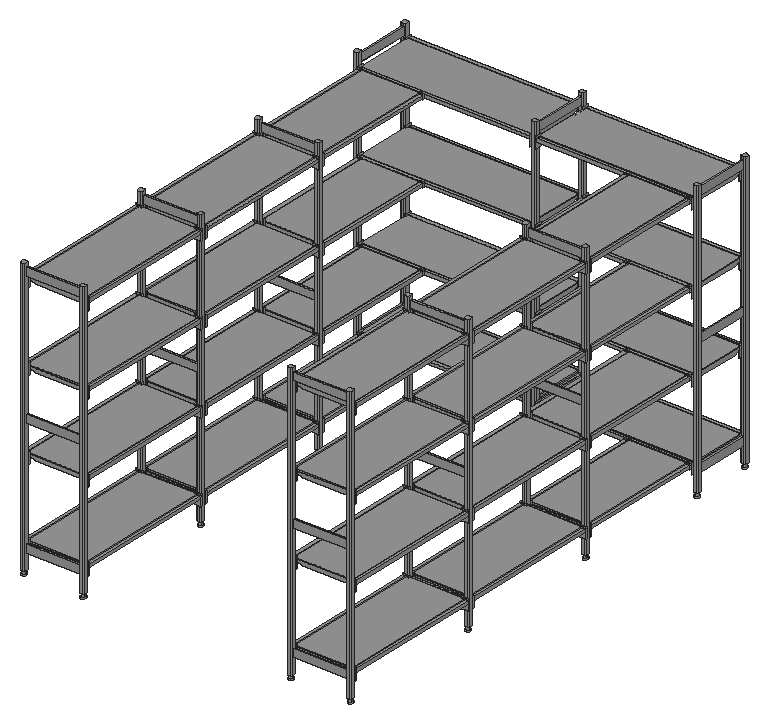
Revit family "QF_ELECTROLUXPROFESSIONAL_137099_CRS2028", category Attrezzature speciali, Revit 2020
Family settings
  Quota connettore circolare = Usa diametro
  Tipo di parte = Normale
  Basato su piano di lavoro = No
  Sempre verticale = Sì
  Taglio con vuoti quando caricato = No
  Condiviso = No
  Punto di calcolo locali = No
Parameters (values of type "Standard")
  Weight = 110.00 kg
  Watts = 0 W
  Volts = 0 V
  URL Manufacturer = "https://www.electroluxprofessional.com/"
  URL = "https://www.electroluxprofessional.com/"
  Steam Supply Size = 0 mm
  Steam Supply Minimum Pressure = 0.0 Pa
  Steam Supply Maximum Pressure = 0.0 Pa
  Steam Consumption per Hour = 0
  Refrigeration Suction Line Size = 0 mm
  Refrigeration Liquid Line Size = 0 mm
  Refrigerant Compressor Remote = yes
  Prospetto di default = 0 mm
  Produttore = "Electrolux Professional"
  Phase = 0
  Modello = "CRS2028"
  Length Actual = 708 mm  # constant formula
  Item Number = "137099"
  Hot Water Size = 0 mm
  Height Actual = 1550 mm  # constant formula
  HP = "0 HP"
  Gas Size = 0 mm
  Gas KW = 0
  Gas Input Pressure = 0 W
  Direct Waste Size = 0 mm
  Descrizione = "ALUM.SHELV.,POLY.TIERS-COLDROOM 203X283"
  Depth Actual = 373 mm  # constant formula
  Cycle = 0 Hz
  Condensate Return Size = 0 mm
  Compressed Air Volume = 0.0 L/s
  Compressed Air Size = 0 mm
  Compressed Air Pressure = 0.0 Pa
  Cold Water Size = 0 mm
  Accessory = yes
Reference planes
  plane 1 "Center (Front/Back)": y = 0
  plane 2: z = 0
  plane 3 "Center (Left/Right)": x = 0
  plane 4: x = -1015
  plane 5: y = 1415
  plane 6: y = -1415
  plane 7: x = 1015
  plane 8: x = -980
  plane 9: x = 980
  plane 10: y = 1392.5
  plane 11: y = -1392.5
Forms (mm)
  Extrusion 1, solid, material "QF_Clearances", detail levels coarse
    sketch origin (0, 0, 0) x (1, 0, 0) y (0, 1, 0)
      loop
        line (-1015, -1415) -> (1015, -1415) -> (1015, 1415) -> (-1015, 1415) -> (-1015, -1415)
      loop
        line (980, -1392.5) -> (980, 1392.5) -> (-980, 1392.5) -> (-980, -1392.5) -> (980, -1392.5)
    from 0 to 1590
Lines and regions (mm)
  symbolic lines, style "QF_Clearances"
    curve 1: line (-1015, 1415, 0) -> (-1015, -1415, 0)
    curve 2: line (1015, 1415, 0) -> (-1015, 1415, 0)
    curve 3: line (1015, -1415, 0) -> (1015, 1415, 0)
Dimensions and locks
  equal spacing: plane 5, plane 1 "Center (Front/Back)", plane 6
  plane 5 to plane 6 = 2830 mm
  equal spacing: plane 4, plane 3 "Center (Left/Right)", plane 7
  plane 4 to plane 7 = 2030 mm
  plane 4 to plane 8 = 35 mm
  plane 8 to plane 9 = 1960 mm
  plane 11 to plane 6 = 22.5 mm
  plane 10 to plane 11 = 2785 mm
  aligned and locked: level to plane 2
  aligned and locked: Extrusion 1 sketch curve to plane 4
  aligned and locked: Extrusion 1 sketch curve to plane 5
  aligned and locked: Extrusion 1 sketch curve to plane 7
  aligned and locked: Extrusion 1 sketch curve to plane 8
  aligned and locked: plane 10 to Extrusion 1 sketch curve
  aligned and locked: Extrusion 1 sketch curve to plane 9
  aligned and locked: Extrusion 1 sketch curve to plane 11
  aligned and locked: Extrusion 1 sketch curve to plane 6
Automatic sketch dimensions
  curve 1 to plane 4 = 0 mm
  curve 2 to plane 5 = 0 mm
  curve 2 to plane 7 = 0 mm
  curve 1 to plane 6 = 0 mm
  curve 3 to plane 6 = 0 mm
Nested families
  nested 1: "QF_974" at (-430, 1369.5, 0), type "QF_974"
  nested 2: "QF_886" at (536, 1369.5, 0), type "QF_886"
  nested 3: "QF_708G" at (-728.5, 825, 0), type "QF_708G"
  nested 4: "QF_708G" at (728.5, 825, 0) x (-1, 0, 0) z (0, 0, 1), type "QF_708G"
  nested 5: "QF_798" at (-923, -96.5, 0) x (0, 1, 0) z (0, 0, 1), type "QF_798"
  nested 6: "QF_798" at (596, -96.5, 0) x (0, 1, 0) z (0, 0, 1), type "QF_798"
  nested 7: "QF_798" at (-923, -930.5, 0) x (0, 1, 0) z (0, 0, 1), type "QF_798"
  nested 8: "QF_798" at (596, -930.5, 0) x (0, 1, 0) z (0, 0, 1), type "QF_798"
Definition of nested family "QF_974"
  Parameters
    Default Elevation = 0 mm
    Model = "137013"
    Manufacturer = "Electrolux Professional"
    Description = ""
  Reference planes
    plane 1: z = 0
    plane 2 "Center (Left/Right)": x = -31
    plane 3 "LEFT": x = -550
    plane 4 "RIGHT": x = 488
    plane 5 "BACK": y = 23
    plane 6 "FRONT": y = -350
    plane 7 "TOP": z = 1700
    plane 8: x = 483
    plane 9: x = -518
    plane 10: x = 456
    plane 11 "Center (Front/Back)": y = -163.5
    plane 12: x = 451
    plane 13: y = -8.5
    plane 14: y = -318.5
    plane 15 "FEET": z = 25
    plane 16: z = 140
    plane 17: z = 590
    plane 18: z = 1040
    plane 19: z = 1490
    plane 20 "CXLeft": x = -536
    plane 21 "CXRight": x = 474
    plane 22: y = 5.5
    plane 23 "CYBack": y = 5.5
    plane 24 "CYFront": y = -332.5
  Forms (mm)
    Extrusion 1, solid
      sketch origin (-550, 0, 0) x (0, 1, 0) y (0, 0, 1)
        loop
          line (4, 1515.994) -> (4, 1497.998) -> (23, 1497.998) -> (23, 1515.994) -> (4, 1515.994)
        loop
          line (-331, 1515.994) -> (-350, 1515.994) -> (-350, 1497.998) -> (-331, 1497.998) -> (-331, 1515.994)
        loop
          line (4, 1065.994) -> (4, 1047.998) -> (23, 1047.998) -> (23, 1065.994) -> (4, 1065.994)
        loop
          line (-331, 1065.994) -> (-350, 1065.994) -> (-350, 1047.998) -> (-331, 1047.998) -> (-331, 1065.994)
        loop
          line (4, 615.994) -> (4, 597.998) -> (23, 597.998) -> (23, 615.994) -> (4, 615.994)
        loop
          line (-331, 615.994) -> (-350, 615.994) -> (-350, 597.998) -> (-331, 597.998) -> (-331, 615.994)
        loop
          line (4, 165.994) -> (4, 147.998) -> (23, 147.998) -> (23, 165.994) -> (4, 165.994)
        loop
          line (-331, 165.994) -> (-350, 165.994) -> (-350, 147.998) -> (-331, 147.998) -> (-331, 165.994)
      from 32 to 1006
    Extrusion 2, solid
      sketch origin (-550, 0, 135) x (0, 1, 0) y (0, 0, 1)
        loop
          line (2.007, 1380.994) -> (-329, 1380.994) -> (-329, 1374.496) -> (2.007, 1374.496) -> (2.007, 1380.994)
        loop
          line (2.007, 930.994) -> (-329, 930.994) -> (-329, 924.496) -> (2.007, 924.496) -> (2.007, 930.994)
        loop
          line (2.007, 480.994) -> (-329, 480.994) -> (-329, 474.496) -> (2.007, 474.496) -> (2.007, 480.994)
        loop
          line (2.007, 30.994) -> (-329, 30.994) -> (-329, 24.496) -> (2.007, 24.496) -> (2.007, 30.994)
      from 32 to 1006
    Extrusion 3, solid
      sketch origin (488, 0, 135) x (0, 1, 0) y (0, 0, 1)
        loop
          line (-12, 1362.998) -> (4, 1362.998) -> (4, 1380.994) -> (2.007, 1380.994) -> (2.007, 1374.496) -> (-329, 1374.496) -> (-329, 1380.994) -> (-331, 1380.994) -> (-331, 1362.998) -> (-315, 1362.998) -> (-281, 1350.994) -> (-46, 1350.994) -> (-12, 1362.998)
        loop
          line (-12, 912.998) -> (4, 912.998) -> (4, 930.994) -> (2.007, 930.994) -> (2.007, 924.496) -> (-329, 924.496) -> (-329, 930.994) -> (-331, 930.994) -> (-331, 912.998) -> (-315, 912.998) -> (-281, 900.994) -> (-46, 900.994) -> (-12, 912.998)
        loop
          line (-12, 462.998) -> (4, 462.998) -> (4, 480.994) -> (2.007, 480.994) -> (2.007, 474.496) -> (-329, 474.496) -> (-329, 480.994) -> (-331, 480.994) -> (-331, 462.998) -> (-315, 462.998) -> (-281, 450.994) -> (-46, 450.994) -> (-12, 462.998)
        loop
          line (-12, 12.998) -> (4, 12.998) -> (4, 30.994) -> (2.007, 30.994) -> (2.007, 24.496) -> (-329, 24.496) -> (-329, 30.994) -> (-331, 30.994) -> (-331, 12.998) -> (-315, 12.998) -> (-281, 0.994) -> (-46, 0.994) -> (-12, 12.998)
      from -32 to -37
  Lines and regions (mm)
    symbolic lines
      curve 1: line (456, 4, 1700) -> (-518, 4, 1700)
      curve 2: line (-522, 23, 1700) -> (460, 23, 1700)
      curve 3: line (460, 13.246, 1700) -> (466.254, 19.5, 1700)
      curve 4: line (466.254, -8.5, 1700) -> (460, -2.246, 1700)
      curve 5: line (466.254, -318.5, 1700) -> (460, -324.754, 1700)
      curve 6: line (-522, -350, 1700) -> (460, -350, 1700)
      curve 7: line (460, 23, 1700) -> (460, -12.993, 1700)
      curve 8: line (460, -12.993, 1700) -> (456, -12.993, 1700)
      curve 9: line (460, -350, 1700) -> (460, -314.007, 1700)
      curve 10: line (460, -314.007, 1700) -> (456, -314.007, 1700)
      curve 11: line (-518, -12.993, 1700) -> (-518, -314.007, 1700)
      curve 12: line (-518, -331, 1700) -> (456, -331, 1700)
      curve 13: line (456, -12.993, 1700) -> (456, -314.007, 1700)
  Dimensions and locks
    locked: plane 3 "LEFT" to plane 4 "RIGHT" at 1038
    equal spacing: plane 3 "LEFT", plane 2 "Center (Left/Right)", plane 4 "RIGHT"
    locked: plane 7 "TOP" to level at 1700
    locked: plane 5 "BACK" to plane 6 "FRONT" at 373
    locked: plane 4 "RIGHT" to plane 8 at 5
    locked: plane 9 to plane 10 at 974
    locked: plane 3 "LEFT" to plane 9 at 32
    plane 12 to plane 10 = 5 mm
    locked: plane 13 to plane 14 at 310
    equal spacing: plane 13, plane 11 "Center (Front/Back)", plane 14
    equal spacing: plane 5 "BACK", plane 11 "Center (Front/Back)", plane 6 "FRONT"
    plane 15 "FEET" to level = 25 mm
    plane 7 "TOP" to plane 15 "FEET" = 1675 mm
    plane 17 to plane 16 = 450 mm
    plane 18 to plane 17 = 450 mm
    plane 19 to plane 18 = 450 mm
    locked: plane 3 "LEFT" to plane 20 "CXLeft" at 14
    locked: plane 21 "CXRight" to plane 4 "RIGHT" at 14
    locked: plane 5 "BACK" to plane 23 "CYBack" at 17.5
    locked: plane 24 "CYFront" to plane 6 "FRONT" at 17.5
    plane 16 to level = 140 mm
    plane 17 to level = 590 mm
    plane 18 to level = 1040 mm
    plane 19 to level = 1490 mm
    aligned and locked: level to plane 1
    aligned and locked: plane 9 to Extrusion 2
    aligned and locked: Extrusion 2 to plane 10
    aligned and locked: plane 9 to Extrusion 1
    aligned and locked: Extrusion 1 to plane 10
    aligned and locked: Extrusion 1 sketch curve to Extrusion 1 sketch curve  (x2)
    aligned and locked: Extrusion 3 sketch curve to Extrusion 3 sketch curve  (x3)
    aligned and locked: Extrusion 3 to plane 12
    aligned and locked: Extrusion 3 to plane 10
    aligned and locked: plane 20 "CXLeft" to nested 1
    aligned and locked: plane 21 "CXRight" to nested 2
  Automatic sketch dimensions
    Extrusion 1 sketch curve to plane 6 "FRONT" = 0 mm  (x4)
    Extrusion 1 sketch curve to plane 5 "BACK" = 0 mm  (x4)
    plane 24 "CYFront" to Extrusion 1 sketch curve = 1.5 mm  (x2)
    plane 22 to Extrusion 1 sketch curve = 1.5 mm  (x4)
    plane 16 to Extrusion 1 sketch curve = 7.998 mm  (x2)
    Extrusion 1 sketch curve to Extrusion 1 sketch curve = 17.997 mm  (x8)
    plane 17 to Extrusion 1 sketch curve = 7.998 mm  (x2)
    plane 18 to Extrusion 1 sketch curve = 7.998 mm  (x2)
    plane 19 to Extrusion 1 sketch curve = 7.998 mm  (x2)
    plane 24 "CYFront" to Extrusion 2 sketch curve = 3.5 mm  (x4)
    plane 22 to Extrusion 2 sketch curve = 3.493 mm  (x4)
    plane 16 to Extrusion 2 sketch curve = 19.496 mm
    Extrusion 2 sketch curve to Extrusion 2 sketch curve = 6.499 mm  (x4)
    plane 17 to Extrusion 2 sketch curve = 19.496 mm
    plane 18 to Extrusion 2 sketch curve = 19.496 mm
    plane 19 to Extrusion 2 sketch curve = 19.496 mm
    plane 24 "CYFront" to Extrusion 3 sketch curve = 1.5 mm  (x4)
    Extrusion 3 sketch curve to Extrusion 3 sketch curve = 2 mm
    plane 14 to Extrusion 3 sketch curve = 3.5 mm  (x4)
    Extrusion 3 sketch curve to plane 16 = 4.006 mm
    Extrusion 3 sketch curve to Extrusion 3 sketch curve = 34 mm  (x4)
    Extrusion 3 sketch curve to plane 17 = 4.006 mm
    Extrusion 3 sketch curve to plane 18 = 4.006 mm
    Extrusion 3 sketch curve to plane 19 = 4.006 mm
    Extrusion 3 sketch curve to plane 13 = 37.5 mm  (x4)
    Extrusion 3 sketch curve to plane 13 = 3.5 mm  (x4)
    plane 22 to Extrusion 3 sketch curve = 3.493 mm  (x4)
    plane 22 to Extrusion 3 sketch curve = 1.5 mm  (x4)
    plane 16 to Extrusion 3 sketch curve = 7.998 mm  (x2)
    Extrusion 3 sketch curve to Extrusion 3 sketch curve = 11.498 mm  (x4)
    Extrusion 3 sketch curve to Extrusion 3 sketch curve = 6.499 mm  (x8)
    plane 17 to Extrusion 3 sketch curve = 7.998 mm  (x2)
    plane 18 to Extrusion 3 sketch curve = 7.998 mm  (x2)
    plane 19 to Extrusion 3 sketch curve = 7.998 mm  (x2)
    curve 6 to plane 6 "FRONT" = 0 mm
    curve 12 to plane 9 = 0 mm
    curve 12 to plane 10 = 0 mm
    curve 5 to plane 14 = 0 mm
    curve 11 to plane 9 = 0 mm
    curve 8 to plane 10 = 0 mm
    curve 4 to plane 13 = 0 mm
    curve 1 to plane 9 = 0 mm
    curve 1 to plane 10 = 0 mm
    curve 2 to plane 5 "BACK" = 0 mm
    plane 14 to curve 10 = 4.493 mm
    curve 7 to plane 13 = 4.493 mm
    curve 10 to plane 10 = 4 mm
    curve 7 to plane 10 = 4 mm
    plane 24 "CYFront" to curve 12 = 1.5 mm
    curve 5 to plane 14 = 6.254 mm
    plane 14 to curve 11 = 4.493 mm
    curve 11 to plane 13 = 4.493 mm
    plane 13 to curve 4 = 6.254 mm
    plane 22 to curve 1 = 1.5 mm
    curve 3 to plane 22 = 7.746 mm
    curve 3 to plane 5 "BACK" = 3.5 mm
    curve 5 to curve 9 = 6.254 mm
    curve 3 to curve 2 = 6.254 mm
    curve 4 to curve 7 = 6.254 mm
    plane 9 to curve 2 = 4 mm
    plane 9 to curve 6 = 4 mm
  Nested families
    nested 1: "WT_Anta373B" at (-133, 0, 0), type "WT_Anta373B"
    nested 2: "WT_Anta373B" at (71, 0, 0) x (-1, 0, 0) z (0, 0, 1), type "WT_Anta373B"
  Definition of nested family "WT_Anta373B"
    Parameters
      WidthLeft = A + 64 mm  # 772 mm
      Width = 1606 mm
      Right = WidthLeft / 2  # 386 mm
      Default Elevation = 0 mm
      Left = -WidthLeft / 2  # -386 mm
      Height = 1590 mm
      FEET = 25 mm
      E = 0 mm
      Dint = Depth - 63 mm  # 310 mm
      Dext = Depth - 8 mm  # 365 mm
      Depth = 373 mm
      DX = (WidthLeft - A) / 2  # 32 mm
      B = 798 mm
      A = 708 mm
    Reference planes
      plane 1: z = 0
      plane 2 "LEFT": x = -417
      plane 3 "BACK": y = 23
      plane 4 "FRONT": y = -350
      plane 5 "TOP": z = 1590
      plane 6 "Center (Front/Back)": y = -163.5
      plane 7: y = -8.5
      plane 8: y = -318.5
      plane 9 "FEET": z = 25
      plane 10: z = 140
      plane 11: z = 590
      plane 12: z = 1040
      plane 13: z = 1490
      plane 14 "CXLeft": x = -403
      plane 15: y = 5.5
      plane 16 "CYBack": y = 5.5
      plane 17 "CYFront": y = -332.5
      plane 18: x = -385.031
      plane 19: x = -380.031
    Forms (mm)
      Extrusion 1, solid
        sketch origin (0, 0, 0) x (1, 0, 0) y (0, 1, 0)
          loop
            line (-417, 13.246) -> (-417, -2.246) -> (-410.746, -8.5) -> (-395.254, -8.5) -> (-389, -2.246) -> (-389, 13.246) -> (-395.254, 19.5) -> (-410.746, 19.5) -> (-417, 13.246)
        from 1590 to 25
      Extrusion 2, solid
        sketch origin (-417, 0, 0) x (0, 1, 0) y (0, 0, 1)
          loop
            line (23, 111.005) -> (23, 172.993) -> (-12.993, 172.993) -> (-12.993, 111.005) -> (23, 111.005)
          loop
            line (-350, 111.005) -> (-314.007, 111.005) -> (-314.007, 172.993) -> (-350, 172.993) -> (-350, 111.005)
          loop
            line (23, 561.005) -> (23, 622.993) -> (-12.993, 622.993) -> (-12.993, 561.005) -> (23, 561.005)
          loop
            line (-350, 561.005) -> (-314.007, 561.005) -> (-314.007, 622.993) -> (-350, 622.993) -> (-350, 561.005)
          loop
            line (23, 1011.005) -> (23, 1072.993) -> (-12.993, 1072.993) -> (-12.993, 1011.005) -> (23, 1011.005)
          loop
            line (-350, 1011.005) -> (-314.007, 1011.005) -> (-314.007, 1072.993) -> (-350, 1072.993) -> (-350, 1011.005)
          loop
            line (23, 1461.005) -> (23, 1522.993) -> (-12.993, 1522.993) -> (-12.993, 1461.005) -> (23, 1461.005)
          loop
            line (-350, 1461.005) -> (-314.007, 1461.005) -> (-314.007, 1522.993) -> (-350, 1522.993) -> (-350, 1461.005)
        from 28 to 32
      Revolve 3, solid
        sketch origin (-403, 0, 0) x (0, 1, 0) y (0, 0, 1)
          loop
            line (5.5, 25) -> (5.5, 0) -> (19, 0) -> (19, 5) -> (14, 5) -> (14, 25) -> (5.5, 25)
          axis (5.5, 25) -> (5.5, 0)
        angle from 0 to 360
      Extrusion 4, solid
        sketch origin (-403, 0, 0) x (0, 1, 0) y (0, 0, 1)
          loop
            line (-8.5, 777.382) -> (-8.5, 822.374) -> (-318.5, 822.374) -> (-318.5, 777.382) -> (-8.5, 777.382)
          loop
            line (-8.5, 1527.244) -> (-8.5, 1572.236) -> (-318.5, 1572.236) -> (-318.5, 1527.244) -> (-8.5, 1527.244)
        from -5 to 5
      Revolve 5, solid
        sketch origin (-403, -627, 0) x (0, -1, 0) y (0, 0, 1)
          loop
            line (-294.5, 25) -> (-294.5, 0) -> (-281, 0) -> (-281, 5) -> (-286, 5) -> (-286, 25) -> (-294.5, 25)
          axis (-294.5, 25) -> (-294.5, 0)
        angle from 0 to 360
      Extrusion 6, solid
        sketch origin (0, -627, 0) x (1, 0, 0) y (0, 1, 0)
          loop
            line (-417, 286.754) -> (-410.746, 280.5) -> (-395.254, 280.5) -> (-389, 286.754) -> (-389, 302.246) -> (-395.254, 308.5) -> (-410.746, 308.5) -> (-417, 302.246) -> (-417, 286.754)
        from 1590 to 25
      Extrusion 7, solid
        sketch origin (-417.031, -0.022, 0) x (0, 1, 0) y (0, 0, -1)
          loop
            line (-12, -1497.998) -> (-46, -1485.994) -> (-281, -1485.994) -> (-315, -1497.998) -> (-331, -1497.998) -> (-331, -1515.994) -> (-329, -1515.994) -> (-329, -1509.496) -> (2.007, -1509.496) -> (2.007, -1515.994) -> (4, -1515.994) -> (4, -1497.998) -> (-12, -1497.998)
          loop
            line (-12, -1047.998) -> (-46, -1035.994) -> (-281, -1035.994) -> (-315, -1047.998) -> (-331, -1047.998) -> (-331, -1065.994) -> (-329, -1065.994) -> (-329, -1059.496) -> (2.007, -1059.496) -> (2.007, -1065.994) -> (4, -1065.994) -> (4, -1047.998) -> (-12, -1047.998)
          loop
            line (-12, -597.998) -> (-46, -585.994) -> (-281, -585.994) -> (-315, -597.998) -> (-331, -597.998) -> (-331, -615.994) -> (-329, -615.994) -> (-329, -609.496) -> (2.007, -609.496) -> (2.007, -615.994) -> (4, -615.994) -> (4, -597.998) -> (-12, -597.998)
          loop
            line (-12, -147.998) -> (-46, -135.994) -> (-281, -135.994) -> (-315, -147.998) -> (-331, -147.998) -> (-331, -165.994) -> (-329, -165.994) -> (-329, -159.496) -> (2.007, -159.496) -> (2.007, -165.994) -> (4, -165.994) -> (4, -147.998) -> (-12, -147.998)
        from -32 to -37
      Extrusion 8, solid
        sketch origin (-403, 0, -659.878) x (0, 1, 0) y (0, 0, 1)
          loop
            line (-8.5, 777.382) -> (-8.5, 822.374) -> (-318.5, 822.374) -> (-318.5, 777.382) -> (-8.5, 777.382)
          loop
            line (-8.5, 1437.382) -> (-8.5, 1482.374) -> (-318.5, 1482.374) -> (-318.5, 1437.382) -> (-8.5, 1437.382)
          loop
            line (-8.5, 2187.382) -> (-8.5, 2232.374) -> (-318.5, 2232.374) -> (-318.5, 2187.382) -> (-8.5, 2187.382)
        from -5 to 5
    Lines and regions (mm)
      symbolic lines
        curve 1: line (-408, -8.5, 1590) -> (-408, -318.5, 1590)
        curve 2: line (-398, -318.5, 1590) -> (-398, -8.5, 1590)
        curve 3: line (-395.254, -8.5, 1590) -> (-410.746, -8.5, 1590)
        curve 4: line (-417, -2.246, 1590) -> (-410.746, -8.5, 1590)
        curve 5: line (-417, 13.246, 1590) -> (-417, -2.246, 1590)
        curve 6: line (-410.746, 19.5, 1590) -> (-417, 13.246, 1590)
        curve 7: line (-395.254, 19.5, 1590) -> (-410.746, 19.5, 1590)
        curve 8: line (-389, 13.246, 1590) -> (-395.254, 19.5, 1590)
        curve 9: line (-395.254, -8.5, 1590) -> (-389, -2.246, 1590)
        curve 10: line (-395.254, -318.5, 1590) -> (-410.746, -318.5, 1590)
        curve 11: line (-417, -324.754, 1590) -> (-410.746, -318.5, 1590)
        curve 12: line (-410.746, -346.5, 1590) -> (-417, -340.246, 1590)
        curve 13: line (-395.254, -346.5, 1590) -> (-410.746, -346.5, 1590)
        curve 14: line (-389, -340.246, 1590) -> (-395.254, -346.5, 1590)
        curve 15: line (-395.254, -318.5, 1590) -> (-389, -324.754, 1590)
        curve 16: line (-389, -350, 1590) -> (-389, -314.007, 1590)
        curve 17: line (-389, -314.007, 1590) -> (-385, -314.007, 1590)
        curve 18: line (-389, 23, 1590) -> (-389, -12.993, 1590)
        curve 19: line (-389, -12.993, 1590) -> (-385, -12.993, 1590)
        curve 20: line (-417, -324.754, 1590) -> (-417, -340.246, 1590)
        curve 21: line (-385, -350, 1590) -> (-385, -314.007, 1590)
        curve 22: line (-385, -350, 1590) -> (-389, -350, 1590)
        curve 23: line (-385, 23, 1590) -> (-389, 23, 1590)
        curve 24: line (-385, -12.993, 1590) -> (-385, 23, 1590)
        curve 25: line (-385.031, -13.016, 1725) -> (-385.031, -314.029, 1725)
    Dimensions and locks
      "Depth": plane 3 "BACK" to plane 4 "FRONT"
      "Dint": plane 7 to plane 8
      equal spacing: plane 7, plane 6 "Center (Front/Back)", plane 8
      equal spacing: plane 3 "BACK", plane 6 "Center (Front/Back)", plane 4 "FRONT"
      plane 9 "FEET" to level = 25 mm
      plane 10 to plane 9 "FEET" = 115 mm
      plane 11 to plane 10 = 450 mm
      plane 12 to plane 11 = 450 mm
      plane 13 to plane 12 = 450 mm
      locked: plane 2 "LEFT" to plane 14 "CXLeft" at 14
      locked: plane 3 "BACK" to plane 16 "CYBack" at 17.5
      locked: plane 17 "CYFront" to plane 4 "FRONT" at 17.5
      locked: Revolve 3 sketch curve to Revolve 3 sketch curve at 8.5
      locked: Revolve 3 sketch curve to plane 16 "CYBack" at 13.5
      locked: Revolve 5 sketch curve to Revolve 5 sketch curve at 8.5
      plane 10 to level = 140 mm
      plane 11 to level = 590 mm
      plane 12 to level = 1040 mm
      plane 13 to level = 1490 mm
      "Height": plane 5 "TOP" to level
      aligned and locked: level to plane 1
      aligned and locked: curve 20 to Extrusion 6
      aligned and locked: plane 5 "TOP" to Extrusion 1
      aligned and locked: plane 5 "TOP" to Extrusion 6
      aligned and locked: Extrusion 7 sketch curve to Extrusion 7 sketch curve  (x3)
    Automatic sketch dimensions
      curve 16 to plane 4 "FRONT" = 0 mm
      curve 11 to plane 8 = 0 mm
      curve 9 to plane 7 = 0 mm
      curve 5 to plane 2 "LEFT" = 0 mm
      curve 23 to plane 3 "BACK" = 0 mm
      plane 4 "FRONT" to curve 13 = 3.5 mm
      curve 20 to plane 17 "CYFront" = 7.746 mm
      curve 20 to plane 8 = 6.254 mm
      plane 8 to curve 16 = 4.493 mm
      curve 24 to plane 18 = 0.031 mm
      curve 24 to plane 7 = 4.493 mm
      plane 7 to curve 5 = 6.254 mm
      curve 5 to plane 15 = 7.746 mm
      curve 6 to plane 3 "BACK" = 3.5 mm
      curve 21 to plane 18 = 0.031 mm
      plane 18 to curve 23 = 3.969 mm
      plane 18 to curve 16 = 3.969 mm
      curve 18 to curve 8 = 6.254 mm
      curve 18 to curve 3 = 6.254 mm
      curve 16 to curve 13 = 6.254 mm
      curve 16 to curve 15 = 6.254 mm
      plane 2 "LEFT" to curve 10 = 6.254 mm
      plane 2 "LEFT" to curve 7 = 6.254 mm
      plane 2 "LEFT" to curve 12 = 6.254 mm
      plane 2 "LEFT" to curve 3 = 6.254 mm
      curve 14 to plane 17 "CYFront" = 7.746 mm
      curve 15 to plane 8 = 6.254 mm
      plane 7 to curve 9 = 6.254 mm
      curve 8 to plane 15 = 7.746 mm
      curve 3 to curve 2 = 2.746 mm
      curve 1 to curve 10 = 2.746 mm
      Extrusion 1 sketch curve to plane 2 "LEFT" = 0 mm
      Extrusion 1 sketch curve to plane 7 = 0 mm
      plane 2 "LEFT" to Extrusion 1 sketch curve = 6.254 mm  (x2)
      plane 14 "CXLeft" to Extrusion 1 sketch curve = 7.746 mm  (x2)
      Extrusion 1 sketch curve to plane 3 "BACK" = 3.5 mm
      plane 18 to Extrusion 1 sketch curve = 3.969 mm
      plane 7 to Extrusion 1 sketch curve = 6.254 mm  (x2)
      Extrusion 1 sketch curve to plane 15 = 7.746 mm  (x2)
      Extrusion 2 sketch curve to plane 4 "FRONT" = 0 mm  (x4)
      Extrusion 2 sketch curve to plane 3 "BACK" = 0 mm  (x4)
      plane 8 to Extrusion 2 sketch curve = 4.493 mm  (x4)
      Extrusion 2 sketch curve to plane 7 = 4.493 mm  (x4)
      Extrusion 2 sketch curve to plane 10 = 28.995 mm  (x2)
      plane 10 to Extrusion 2 sketch curve = 32.993 mm  (x2)
      Extrusion 2 sketch curve to plane 11 = 28.995 mm  (x2)
      plane 11 to Extrusion 2 sketch curve = 32.993 mm  (x2)
      Extrusion 2 sketch curve to plane 12 = 28.995 mm  (x2)
      plane 12 to Extrusion 2 sketch curve = 32.993 mm  (x2)
      Extrusion 2 sketch curve to plane 13 = 28.995 mm  (x2)
      plane 13 to Extrusion 2 sketch curve = 32.993 mm  (x2)
      Revolve 3 sketch curve to plane 9 "FEET" = 0 mm  (x2)
      Revolve 3 sketch curve to plane 15 = 0 mm  (x2)
      Revolve 3 sketch curve to level = 0 mm
      level to Revolve 3 sketch curve = 5 mm
      Revolve 3 sketch curve to Revolve 3 sketch curve = 11.655 mm
      Extrusion 4 sketch curve to plane 8 = 0 mm  (x2)
      Extrusion 4 sketch curve to plane 7 = 0 mm  (x2)
      plane 11 to Extrusion 4 sketch curve = 187.382 mm
      Extrusion 4 sketch curve to Extrusion 4 sketch curve = 44.992 mm
      plane 13 to Extrusion 4 sketch curve = 37.244 mm
      Extrusion 4 sketch curve to plane 5 "TOP" = 17.764 mm
      Revolve 5 sketch curve to plane 9 "FEET" = 0 mm  (x2)
      Revolve 5 sketch curve to plane 17 "CYFront" = 0 mm  (x2)
      Revolve 5 sketch curve to level = 0 mm
      Revolve 5 sketch curve to plane 4 "FRONT" = 4 mm
      Revolve 5 sketch curve to Revolve 5 sketch curve = 5 mm
      level to Revolve 5 sketch curve = 11.655 mm
      Extrusion 6 sketch curve to plane 2 "LEFT" = 0 mm
      Extrusion 6 sketch curve to plane 8 = 0 mm
      Extrusion 6 sketch curve to plane 2 "LEFT" = 6.254 mm  (x2)
      Extrusion 6 sketch curve to plane 14 "CXLeft" = 7.746 mm  (x2)
      Extrusion 6 sketch curve to plane 4 "FRONT" = 3.5 mm
      Extrusion 6 sketch curve to plane 18 = 3.969 mm
      plane 8 to Extrusion 6 sketch curve = 6.254 mm  (x2)
      plane 17 "CYFront" to Extrusion 6 sketch curve = 7.746 mm  (x2)
      plane 17 "CYFront" to Extrusion 7 sketch curve = 1.478 mm  (x4)
      Extrusion 7 sketch curve to Extrusion 7 sketch curve = 2 mm
      plane 8 to Extrusion 7 sketch curve = 3.478 mm  (x4)
      Extrusion 7 sketch curve to plane 10 = 4.006 mm
      Extrusion 7 sketch curve to Extrusion 7 sketch curve = 34 mm  (x4)
      Extrusion 7 sketch curve to plane 11 = 4.006 mm
      Extrusion 7 sketch curve to plane 12 = 4.006 mm
      Extrusion 7 sketch curve to plane 13 = 4.006 mm
      Extrusion 7 sketch curve to plane 7 = 37.522 mm  (x4)
      Extrusion 7 sketch curve to plane 7 = 3.522 mm  (x4)
      plane 15 to Extrusion 7 sketch curve = 3.516 mm  (x4)
      plane 15 to Extrusion 7 sketch curve = 1.522 mm  (x4)
      plane 13 to Extrusion 7 sketch curve = 7.998 mm  (x2)
      Extrusion 7 sketch curve to Extrusion 7 sketch curve = 11.498 mm
      Extrusion 7 sketch curve to Extrusion 7 sketch curve = 6.499 mm  (x5)
      plane 12 to Extrusion 7 sketch curve = 25.994 mm  (x2)
      plane 12 to Extrusion 7 sketch curve = 7.998 mm  (x2)
      plane 11 to Extrusion 7 sketch curve = 25.994 mm  (x2)
      plane 11 to Extrusion 7 sketch curve = 7.998 mm  (x2)
      plane 10 to Extrusion 7 sketch curve = 25.994 mm  (x2)
      plane 10 to Extrusion 7 sketch curve = 7.998 mm  (x2)
      curve 25 to plane 18 = 0 mm
      plane 8 to curve 25 = 4.471 mm
      curve 25 to plane 7 = 4.516 mm
      Extrusion 8 sketch curve to plane 8 = 0 mm  (x3)
      Extrusion 8 sketch curve to plane 7 = 0 mm  (x3)
      Extrusion 8 sketch curve to plane 10 = 22.496 mm
      plane 10 to Extrusion 8 sketch curve = 22.496 mm
      plane 11 to Extrusion 8 sketch curve = 187.504 mm
      Extrusion 8 sketch curve to Extrusion 8 sketch curve = 44.992 mm
      plane 13 to Extrusion 8 sketch curve = 37.504 mm
      Extrusion 8 sketch curve to plane 5 "TOP" = 17.504 mm
Definition of nested family "QF_886"
  Parameters
    Default Elevation = 0 mm
    Model = "137012"
    Manufacturer = "Electrolux Professional"
    Description = ""
  Reference planes
    plane 1: z = 0
    plane 2 "Center (Left/Right)": x = -31
    plane 3 "LEFT": x = -506
    plane 4 "RIGHT": x = 444
    plane 5 "BACK": y = 23
    plane 6 "FRONT": y = -350
    plane 7 "TOP": z = 1700
    plane 8: x = 439
    plane 9: x = -474
    plane 10: x = 412
    plane 11 "Center (Front/Back)": y = -163.5
    plane 12: x = 407
    plane 13: y = -8.5
    plane 14: y = -318.5
    plane 15 "FEET": z = 25
    plane 16: z = 140
    plane 17: z = 590
    plane 18: z = 1040
    plane 19: z = 1490
    plane 20 "CXLeft": x = -492
    plane 21 "CXRight": x = 430
    plane 22: y = 5.5
    plane 23 "CYBack": y = 5.5
    plane 24 "CYFront": y = -332.5
  Forms (mm)
    Extrusion 1, solid
      sketch origin (-506, 0, 0) x (0, 1, 0) y (0, 0, 1)
        loop
          line (4, 1515.994) -> (4, 1497.998) -> (23, 1497.998) -> (23, 1515.994) -> (4, 1515.994)
        loop
          line (-331, 1515.994) -> (-350, 1515.994) -> (-350, 1497.998) -> (-331, 1497.998) -> (-331, 1515.994)
        loop
          line (4, 1065.994) -> (4, 1047.998) -> (23, 1047.998) -> (23, 1065.994) -> (4, 1065.994)
        loop
          line (-331, 1065.994) -> (-350, 1065.994) -> (-350, 1047.998) -> (-331, 1047.998) -> (-331, 1065.994)
        loop
          line (4, 615.994) -> (4, 597.998) -> (23, 597.998) -> (23, 615.994) -> (4, 615.994)
        loop
          line (-331, 615.994) -> (-350, 615.994) -> (-350, 597.998) -> (-331, 597.998) -> (-331, 615.994)
        loop
          line (4, 165.994) -> (4, 147.998) -> (23, 147.998) -> (23, 165.994) -> (4, 165.994)
        loop
          line (-331, 165.994) -> (-350, 165.994) -> (-350, 147.998) -> (-331, 147.998) -> (-331, 165.994)
      from 32 to 918
    Extrusion 2, solid
      sketch origin (-506, 0, 135) x (0, 1, 0) y (0, 0, 1)
        loop
          line (2.007, 1380.994) -> (-329, 1380.994) -> (-329, 1374.496) -> (2.007, 1374.496) -> (2.007, 1380.994)
        loop
          line (2.007, 930.994) -> (-329, 930.994) -> (-329, 924.496) -> (2.007, 924.496) -> (2.007, 930.994)
        loop
          line (2.007, 480.994) -> (-329, 480.994) -> (-329, 474.496) -> (2.007, 474.496) -> (2.007, 480.994)
        loop
          line (2.007, 30.994) -> (-329, 30.994) -> (-329, 24.496) -> (2.007, 24.496) -> (2.007, 30.994)
      from 32 to 918
    Extrusion 3, solid
      sketch origin (444, 0, 135) x (0, 1, 0) y (0, 0, 1)
        loop
          line (-12, 1362.998) -> (4, 1362.998) -> (4, 1380.994) -> (2.007, 1380.994) -> (2.007, 1374.496) -> (-329, 1374.496) -> (-329, 1380.994) -> (-331, 1380.994) -> (-331, 1362.998) -> (-315, 1362.998) -> (-281, 1350.994) -> (-46, 1350.994) -> (-12, 1362.998)
        loop
          line (-12, 912.998) -> (4, 912.998) -> (4, 930.994) -> (2.007, 930.994) -> (2.007, 924.496) -> (-329, 924.496) -> (-329, 930.994) -> (-331, 930.994) -> (-331, 912.998) -> (-315, 912.998) -> (-281, 900.994) -> (-46, 900.994) -> (-12, 912.998)
        loop
          line (-12, 462.998) -> (4, 462.998) -> (4, 480.994) -> (2.007, 480.994) -> (2.007, 474.496) -> (-329, 474.496) -> (-329, 480.994) -> (-331, 480.994) -> (-331, 462.998) -> (-315, 462.998) -> (-281, 450.994) -> (-46, 450.994) -> (-12, 462.998)
        loop
          line (-12, 12.998) -> (4, 12.998) -> (4, 30.994) -> (2.007, 30.994) -> (2.007, 24.496) -> (-329, 24.496) -> (-329, 30.994) -> (-331, 30.994) -> (-331, 12.998) -> (-315, 12.998) -> (-281, 0.994) -> (-46, 0.994) -> (-12, 12.998)
      from -32 to -37
  Lines and regions (mm)
    symbolic lines
      curve 1: line (412, 4, 1700) -> (-474, 4, 1700)
      curve 2: line (-478, 23, 1700) -> (416, 23, 1700)
      curve 3: line (416, 13.246, 1700) -> (422.254, 19.5, 1700)
      curve 4: line (422.254, -8.5, 1700) -> (416, -2.246, 1700)
      curve 5: line (422.254, -318.5, 1700) -> (416, -324.754, 1700)
      curve 6: line (-478, -350, 1700) -> (416, -350, 1700)
      curve 7: line (416, 23, 1700) -> (416, -12.993, 1700)
      curve 8: line (416, -12.993, 1700) -> (412, -12.993, 1700)
      curve 9: line (416, -350, 1700) -> (416, -314.007, 1700)
      curve 10: line (416, -314.007, 1700) -> (412, -314.007, 1700)
      curve 11: line (-474, -12.993, 1700) -> (-474, -314.007, 1700)
      curve 12: line (-474, -331, 1700) -> (412, -331, 1700)
      curve 13: line (412, -12.993, 1700) -> (412, -314.007, 1700)
  Dimensions and locks
    locked: plane 3 "LEFT" to plane 4 "RIGHT" at 950
    equal spacing: plane 3 "LEFT", plane 2 "Center (Left/Right)", plane 4 "RIGHT"
    locked: plane 7 "TOP" to level at 1700
    locked: plane 5 "BACK" to plane 6 "FRONT" at 373
    locked: plane 4 "RIGHT" to plane 8 at 5
    locked: plane 9 to plane 10 at 886
    locked: plane 3 "LEFT" to plane 9 at 32
    plane 12 to plane 10 = 5 mm
    locked: plane 13 to plane 14 at 310
    equal spacing: plane 13, plane 11 "Center (Front/Back)", plane 14
    equal spacing: plane 5 "BACK", plane 11 "Center (Front/Back)", plane 6 "FRONT"
    plane 15 "FEET" to level = 25 mm
    plane 7 "TOP" to plane 15 "FEET" = 1675 mm
    plane 17 to plane 16 = 450 mm
    plane 18 to plane 17 = 450 mm
    plane 19 to plane 18 = 450 mm
    locked: plane 3 "LEFT" to plane 20 "CXLeft" at 14
    locked: plane 21 "CXRight" to plane 4 "RIGHT" at 14
    locked: plane 5 "BACK" to plane 23 "CYBack" at 17.5
    locked: plane 24 "CYFront" to plane 6 "FRONT" at 17.5
    plane 16 to level = 140 mm
    plane 17 to level = 590 mm
    plane 18 to level = 1040 mm
    plane 19 to level = 1490 mm
    aligned and locked: level to plane 1
    aligned and locked: plane 9 to Extrusion 2
    aligned and locked: Extrusion 2 to plane 10
    aligned and locked: plane 9 to Extrusion 1
    aligned and locked: Extrusion 1 to plane 10
    aligned and locked: Extrusion 1 sketch curve to Extrusion 1 sketch curve  (x2)
    aligned and locked: Extrusion 3 sketch curve to Extrusion 3 sketch curve  (x3)
    aligned and locked: Extrusion 3 to plane 12
    aligned and locked: Extrusion 3 to plane 10
    aligned and locked: plane 20 "CXLeft" to nested 1
    aligned and locked: plane 21 "CXRight" to nested 2
  Automatic sketch dimensions
    Extrusion 1 sketch curve to plane 6 "FRONT" = 0 mm  (x4)
    Extrusion 1 sketch curve to plane 5 "BACK" = 0 mm  (x4)
    plane 24 "CYFront" to Extrusion 1 sketch curve = 1.5 mm  (x2)
    plane 22 to Extrusion 1 sketch curve = 1.5 mm  (x4)
    plane 16 to Extrusion 1 sketch curve = 7.998 mm  (x2)
    Extrusion 1 sketch curve to Extrusion 1 sketch curve = 17.997 mm  (x8)
    plane 17 to Extrusion 1 sketch curve = 7.998 mm  (x2)
    plane 18 to Extrusion 1 sketch curve = 7.998 mm  (x2)
    plane 19 to Extrusion 1 sketch curve = 7.998 mm  (x2)
    plane 24 "CYFront" to Extrusion 2 sketch curve = 3.5 mm  (x4)
    plane 22 to Extrusion 2 sketch curve = 3.493 mm  (x4)
    plane 16 to Extrusion 2 sketch curve = 19.496 mm
    Extrusion 2 sketch curve to Extrusion 2 sketch curve = 6.499 mm  (x4)
    plane 17 to Extrusion 2 sketch curve = 19.496 mm
    plane 18 to Extrusion 2 sketch curve = 19.496 mm
    plane 19 to Extrusion 2 sketch curve = 19.496 mm
    plane 24 "CYFront" to Extrusion 3 sketch curve = 1.5 mm  (x4)
    Extrusion 3 sketch curve to Extrusion 3 sketch curve = 2 mm
    plane 14 to Extrusion 3 sketch curve = 3.5 mm  (x4)
    Extrusion 3 sketch curve to plane 16 = 4.006 mm
    Extrusion 3 sketch curve to Extrusion 3 sketch curve = 34 mm  (x4)
    Extrusion 3 sketch curve to plane 17 = 4.006 mm
    Extrusion 3 sketch curve to plane 18 = 4.006 mm
    Extrusion 3 sketch curve to plane 19 = 4.006 mm
    Extrusion 3 sketch curve to plane 13 = 37.5 mm  (x4)
    Extrusion 3 sketch curve to plane 13 = 3.5 mm  (x4)
    plane 22 to Extrusion 3 sketch curve = 3.493 mm  (x4)
    plane 22 to Extrusion 3 sketch curve = 1.5 mm  (x4)
    plane 16 to Extrusion 3 sketch curve = 7.998 mm  (x2)
    Extrusion 3 sketch curve to Extrusion 3 sketch curve = 11.498 mm  (x4)
    Extrusion 3 sketch curve to Extrusion 3 sketch curve = 6.499 mm  (x8)
    plane 17 to Extrusion 3 sketch curve = 7.998 mm  (x2)
    plane 18 to Extrusion 3 sketch curve = 7.998 mm  (x2)
    plane 19 to Extrusion 3 sketch curve = 7.998 mm  (x2)
    curve 6 to plane 6 "FRONT" = 0 mm
    curve 12 to plane 9 = 0 mm
    curve 12 to plane 10 = 0 mm
    curve 5 to plane 14 = 0 mm
    curve 11 to plane 9 = 0 mm
    curve 8 to plane 10 = 0 mm
    curve 4 to plane 13 = 0 mm
    curve 1 to plane 9 = 0 mm
    curve 1 to plane 10 = 0 mm
    curve 2 to plane 5 "BACK" = 0 mm
    plane 14 to curve 10 = 4.493 mm
    curve 7 to plane 13 = 4.493 mm
    curve 10 to plane 10 = 4 mm
    curve 7 to plane 10 = 4 mm
    plane 24 "CYFront" to curve 12 = 1.5 mm
    curve 5 to plane 14 = 6.254 mm
    plane 14 to curve 11 = 4.493 mm
    curve 11 to plane 13 = 4.493 mm
    plane 13 to curve 4 = 6.254 mm
    plane 22 to curve 1 = 1.5 mm
    curve 3 to plane 22 = 7.746 mm
    curve 3 to plane 5 "BACK" = 3.5 mm
    curve 5 to curve 9 = 6.254 mm
    curve 3 to curve 2 = 6.254 mm
    curve 4 to curve 7 = 6.254 mm
    plane 9 to curve 2 = 4 mm
    plane 9 to curve 6 = 4 mm
  Nested families
    nested 1: "WT_Anta373B" at (-89, 0, 0), type "WT_Anta373B"
    nested 2: "WT_Anta373B" at (27, 0, 0) x (-1, 0, 0) z (0, 0, 1), type "WT_Anta373B"
  Definition of nested family "WT_Anta373B"
    Parameters
      WidthLeft = A + 64 mm  # 772 mm
      Width = 1606 mm
      Right = WidthLeft / 2  # 386 mm
      Default Elevation = 0 mm
      Left = -WidthLeft / 2  # -386 mm
      Height = 1590 mm
      FEET = 25 mm
      E = 0 mm
      Dint = Depth - 63 mm  # 310 mm
      Dext = Depth - 8 mm  # 365 mm
      Depth = 373 mm
      DX = (WidthLeft - A) / 2  # 32 mm
      B = 798 mm
      A = 708 mm
    Reference planes
      plane 1: z = 0
      plane 2 "LEFT": x = -417
      plane 3 "BACK": y = 23
      plane 4 "FRONT": y = -350
      plane 5 "TOP": z = 1590
      plane 6 "Center (Front/Back)": y = -163.5
      plane 7: y = -8.5
      plane 8: y = -318.5
      plane 9 "FEET": z = 25
      plane 10: z = 140
      plane 11: z = 590
      plane 12: z = 1040
      plane 13: z = 1490
      plane 14 "CXLeft": x = -403
      plane 15: y = 5.5
      plane 16 "CYBack": y = 5.5
      plane 17 "CYFront": y = -332.5
      plane 18: x = -385.031
      plane 19: x = -380.031
    Forms (mm)
      Extrusion 1, solid
        sketch origin (0, 0, 0) x (1, 0, 0) y (0, 1, 0)
          loop
            line (-417, 13.246) -> (-417, -2.246) -> (-410.746, -8.5) -> (-395.254, -8.5) -> (-389, -2.246) -> (-389, 13.246) -> (-395.254, 19.5) -> (-410.746, 19.5) -> (-417, 13.246)
        from 1590 to 25
      Extrusion 2, solid
        sketch origin (-417, 0, 0) x (0, 1, 0) y (0, 0, 1)
          loop
            line (23, 111.005) -> (23, 172.993) -> (-12.993, 172.993) -> (-12.993, 111.005) -> (23, 111.005)
          loop
            line (-350, 111.005) -> (-314.007, 111.005) -> (-314.007, 172.993) -> (-350, 172.993) -> (-350, 111.005)
          loop
            line (23, 561.005) -> (23, 622.993) -> (-12.993, 622.993) -> (-12.993, 561.005) -> (23, 561.005)
          loop
            line (-350, 561.005) -> (-314.007, 561.005) -> (-314.007, 622.993) -> (-350, 622.993) -> (-350, 561.005)
          loop
            line (23, 1011.005) -> (23, 1072.993) -> (-12.993, 1072.993) -> (-12.993, 1011.005) -> (23, 1011.005)
          loop
            line (-350, 1011.005) -> (-314.007, 1011.005) -> (-314.007, 1072.993) -> (-350, 1072.993) -> (-350, 1011.005)
          loop
            line (23, 1461.005) -> (23, 1522.993) -> (-12.993, 1522.993) -> (-12.993, 1461.005) -> (23, 1461.005)
          loop
            line (-350, 1461.005) -> (-314.007, 1461.005) -> (-314.007, 1522.993) -> (-350, 1522.993) -> (-350, 1461.005)
        from 28 to 32
      Revolve 3, solid
        sketch origin (-403, 0, 0) x (0, 1, 0) y (0, 0, 1)
          loop
            line (5.5, 25) -> (5.5, 0) -> (19, 0) -> (19, 5) -> (14, 5) -> (14, 25) -> (5.5, 25)
          axis (5.5, 25) -> (5.5, 0)
        angle from 0 to 360
      Extrusion 4, solid
        sketch origin (-403, 0, 0) x (0, 1, 0) y (0, 0, 1)
          loop
            line (-8.5, 777.382) -> (-8.5, 822.374) -> (-318.5, 822.374) -> (-318.5, 777.382) -> (-8.5, 777.382)
          loop
            line (-8.5, 1527.244) -> (-8.5, 1572.236) -> (-318.5, 1572.236) -> (-318.5, 1527.244) -> (-8.5, 1527.244)
        from -5 to 5
      Revolve 5, solid
        sketch origin (-403, -627, 0) x (0, -1, 0) y (0, 0, 1)
          loop
            line (-294.5, 25) -> (-294.5, 0) -> (-281, 0) -> (-281, 5) -> (-286, 5) -> (-286, 25) -> (-294.5, 25)
          axis (-294.5, 25) -> (-294.5, 0)
        angle from 0 to 360
      Extrusion 6, solid
        sketch origin (0, -627, 0) x (1, 0, 0) y (0, 1, 0)
          loop
            line (-417, 286.754) -> (-410.746, 280.5) -> (-395.254, 280.5) -> (-389, 286.754) -> (-389, 302.246) -> (-395.254, 308.5) -> (-410.746, 308.5) -> (-417, 302.246) -> (-417, 286.754)
        from 1590 to 25
      Extrusion 7, solid
        sketch origin (-417.031, -0.022, 0) x (0, 1, 0) y (0, 0, -1)
          loop
            line (-12, -1497.998) -> (-46, -1485.994) -> (-281, -1485.994) -> (-315, -1497.998) -> (-331, -1497.998) -> (-331, -1515.994) -> (-329, -1515.994) -> (-329, -1509.496) -> (2.007, -1509.496) -> (2.007, -1515.994) -> (4, -1515.994) -> (4, -1497.998) -> (-12, -1497.998)
          loop
            line (-12, -1047.998) -> (-46, -1035.994) -> (-281, -1035.994) -> (-315, -1047.998) -> (-331, -1047.998) -> (-331, -1065.994) -> (-329, -1065.994) -> (-329, -1059.496) -> (2.007, -1059.496) -> (2.007, -1065.994) -> (4, -1065.994) -> (4, -1047.998) -> (-12, -1047.998)
          loop
            line (-12, -597.998) -> (-46, -585.994) -> (-281, -585.994) -> (-315, -597.998) -> (-331, -597.998) -> (-331, -615.994) -> (-329, -615.994) -> (-329, -609.496) -> (2.007, -609.496) -> (2.007, -615.994) -> (4, -615.994) -> (4, -597.998) -> (-12, -597.998)
          loop
            line (-12, -147.998) -> (-46, -135.994) -> (-281, -135.994) -> (-315, -147.998) -> (-331, -147.998) -> (-331, -165.994) -> (-329, -165.994) -> (-329, -159.496) -> (2.007, -159.496) -> (2.007, -165.994) -> (4, -165.994) -> (4, -147.998) -> (-12, -147.998)
        from -32 to -37
      Extrusion 8, solid
        sketch origin (-403, 0, -659.878) x (0, 1, 0) y (0, 0, 1)
          loop
            line (-8.5, 777.382) -> (-8.5, 822.374) -> (-318.5, 822.374) -> (-318.5, 777.382) -> (-8.5, 777.382)
          loop
            line (-8.5, 1437.382) -> (-8.5, 1482.374) -> (-318.5, 1482.374) -> (-318.5, 1437.382) -> (-8.5, 1437.382)
          loop
            line (-8.5, 2187.382) -> (-8.5, 2232.374) -> (-318.5, 2232.374) -> (-318.5, 2187.382) -> (-8.5, 2187.382)
        from -5 to 5
    Lines and regions (mm)
      symbolic lines
        curve 1: line (-408, -8.5, 1590) -> (-408, -318.5, 1590)
        curve 2: line (-398, -318.5, 1590) -> (-398, -8.5, 1590)
        curve 3: line (-395.254, -8.5, 1590) -> (-410.746, -8.5, 1590)
        curve 4: line (-417, -2.246, 1590) -> (-410.746, -8.5, 1590)
        curve 5: line (-417, 13.246, 1590) -> (-417, -2.246, 1590)
        curve 6: line (-410.746, 19.5, 1590) -> (-417, 13.246, 1590)
        curve 7: line (-395.254, 19.5, 1590) -> (-410.746, 19.5, 1590)
        curve 8: line (-389, 13.246, 1590) -> (-395.254, 19.5, 1590)
        curve 9: line (-395.254, -8.5, 1590) -> (-389, -2.246, 1590)
        curve 10: line (-395.254, -318.5, 1590) -> (-410.746, -318.5, 1590)
        curve 11: line (-417, -324.754, 1590) -> (-410.746, -318.5, 1590)
        curve 12: line (-410.746, -346.5, 1590) -> (-417, -340.246, 1590)
        curve 13: line (-395.254, -346.5, 1590) -> (-410.746, -346.5, 1590)
        curve 14: line (-389, -340.246, 1590) -> (-395.254, -346.5, 1590)
        curve 15: line (-395.254, -318.5, 1590) -> (-389, -324.754, 1590)
        curve 16: line (-389, -350, 1590) -> (-389, -314.007, 1590)
        curve 17: line (-389, -314.007, 1590) -> (-385, -314.007, 1590)
        curve 18: line (-389, 23, 1590) -> (-389, -12.993, 1590)
        curve 19: line (-389, -12.993, 1590) -> (-385, -12.993, 1590)
        curve 20: line (-417, -324.754, 1590) -> (-417, -340.246, 1590)
        curve 21: line (-385, -350, 1590) -> (-385, -314.007, 1590)
        curve 22: line (-385, -350, 1590) -> (-389, -350, 1590)
        curve 23: line (-385, 23, 1590) -> (-389, 23, 1590)
        curve 24: line (-385, -12.993, 1590) -> (-385, 23, 1590)
        curve 25: line (-385.031, -13.016, 1725) -> (-385.031, -314.029, 1725)
    Dimensions and locks
      "Depth": plane 3 "BACK" to plane 4 "FRONT"
      "Dint": plane 7 to plane 8
      equal spacing: plane 7, plane 6 "Center (Front/Back)", plane 8
      equal spacing: plane 3 "BACK", plane 6 "Center (Front/Back)", plane 4 "FRONT"
      plane 9 "FEET" to level = 25 mm
      plane 10 to plane 9 "FEET" = 115 mm
      plane 11 to plane 10 = 450 mm
      plane 12 to plane 11 = 450 mm
      plane 13 to plane 12 = 450 mm
      locked: plane 2 "LEFT" to plane 14 "CXLeft" at 14
      locked: plane 3 "BACK" to plane 16 "CYBack" at 17.5
      locked: plane 17 "CYFront" to plane 4 "FRONT" at 17.5
      locked: Revolve 3 sketch curve to Revolve 3 sketch curve at 8.5
      locked: Revolve 3 sketch curve to plane 16 "CYBack" at 13.5
      locked: Revolve 5 sketch curve to Revolve 5 sketch curve at 8.5
      plane 10 to level = 140 mm
      plane 11 to level = 590 mm
      plane 12 to level = 1040 mm
      plane 13 to level = 1490 mm
      "Height": plane 5 "TOP" to level
      aligned and locked: level to plane 1
      aligned and locked: curve 20 to Extrusion 6
      aligned and locked: plane 5 "TOP" to Extrusion 1
      aligned and locked: plane 5 "TOP" to Extrusion 6
      aligned and locked: Extrusion 7 sketch curve to Extrusion 7 sketch curve  (x3)
    Automatic sketch dimensions
      curve 16 to plane 4 "FRONT" = 0 mm
      curve 11 to plane 8 = 0 mm
      curve 9 to plane 7 = 0 mm
      curve 5 to plane 2 "LEFT" = 0 mm
      curve 23 to plane 3 "BACK" = 0 mm
      plane 4 "FRONT" to curve 13 = 3.5 mm
      curve 20 to plane 17 "CYFront" = 7.746 mm
      curve 20 to plane 8 = 6.254 mm
      plane 8 to curve 16 = 4.493 mm
      curve 24 to plane 18 = 0.031 mm
      curve 24 to plane 7 = 4.493 mm
      plane 7 to curve 5 = 6.254 mm
      curve 5 to plane 15 = 7.746 mm
      curve 6 to plane 3 "BACK" = 3.5 mm
      curve 21 to plane 18 = 0.031 mm
      plane 18 to curve 23 = 3.969 mm
      plane 18 to curve 16 = 3.969 mm
      curve 18 to curve 8 = 6.254 mm
      curve 18 to curve 3 = 6.254 mm
      curve 16 to curve 13 = 6.254 mm
      curve 16 to curve 15 = 6.254 mm
      plane 2 "LEFT" to curve 10 = 6.254 mm
      plane 2 "LEFT" to curve 7 = 6.254 mm
      plane 2 "LEFT" to curve 12 = 6.254 mm
      plane 2 "LEFT" to curve 3 = 6.254 mm
      curve 14 to plane 17 "CYFront" = 7.746 mm
      curve 15 to plane 8 = 6.254 mm
      plane 7 to curve 9 = 6.254 mm
      curve 8 to plane 15 = 7.746 mm
      curve 3 to curve 2 = 2.746 mm
      curve 1 to curve 10 = 2.746 mm
      Extrusion 1 sketch curve to plane 2 "LEFT" = 0 mm
      Extrusion 1 sketch curve to plane 7 = 0 mm
      plane 2 "LEFT" to Extrusion 1 sketch curve = 6.254 mm  (x2)
      plane 14 "CXLeft" to Extrusion 1 sketch curve = 7.746 mm  (x2)
      Extrusion 1 sketch curve to plane 3 "BACK" = 3.5 mm
      plane 18 to Extrusion 1 sketch curve = 3.969 mm
      plane 7 to Extrusion 1 sketch curve = 6.254 mm  (x2)
      Extrusion 1 sketch curve to plane 15 = 7.746 mm  (x2)
      Extrusion 2 sketch curve to plane 4 "FRONT" = 0 mm  (x4)
      Extrusion 2 sketch curve to plane 3 "BACK" = 0 mm  (x4)
      plane 8 to Extrusion 2 sketch curve = 4.493 mm  (x4)
      Extrusion 2 sketch curve to plane 7 = 4.493 mm  (x4)
      Extrusion 2 sketch curve to plane 10 = 28.995 mm  (x2)
      plane 10 to Extrusion 2 sketch curve = 32.993 mm  (x2)
      Extrusion 2 sketch curve to plane 11 = 28.995 mm  (x2)
      plane 11 to Extrusion 2 sketch curve = 32.993 mm  (x2)
      Extrusion 2 sketch curve to plane 12 = 28.995 mm  (x2)
      plane 12 to Extrusion 2 sketch curve = 32.993 mm  (x2)
      Extrusion 2 sketch curve to plane 13 = 28.995 mm  (x2)
      plane 13 to Extrusion 2 sketch curve = 32.993 mm  (x2)
      Revolve 3 sketch curve to plane 9 "FEET" = 0 mm  (x2)
      Revolve 3 sketch curve to plane 15 = 0 mm  (x2)
      Revolve 3 sketch curve to level = 0 mm
      level to Revolve 3 sketch curve = 5 mm
      Revolve 3 sketch curve to Revolve 3 sketch curve = 11.655 mm
      Extrusion 4 sketch curve to plane 8 = 0 mm  (x2)
      Extrusion 4 sketch curve to plane 7 = 0 mm  (x2)
      plane 11 to Extrusion 4 sketch curve = 187.382 mm
      Extrusion 4 sketch curve to Extrusion 4 sketch curve = 44.992 mm
      plane 13 to Extrusion 4 sketch curve = 37.244 mm
      Extrusion 4 sketch curve to plane 5 "TOP" = 17.764 mm
      Revolve 5 sketch curve to plane 9 "FEET" = 0 mm  (x2)
      Revolve 5 sketch curve to plane 17 "CYFront" = 0 mm  (x2)
      Revolve 5 sketch curve to level = 0 mm
      Revolve 5 sketch curve to plane 4 "FRONT" = 4 mm
      Revolve 5 sketch curve to Revolve 5 sketch curve = 5 mm
      level to Revolve 5 sketch curve = 11.655 mm
      Extrusion 6 sketch curve to plane 2 "LEFT" = 0 mm
      Extrusion 6 sketch curve to plane 8 = 0 mm
      Extrusion 6 sketch curve to plane 2 "LEFT" = 6.254 mm  (x2)
      Extrusion 6 sketch curve to plane 14 "CXLeft" = 7.746 mm  (x2)
      Extrusion 6 sketch curve to plane 4 "FRONT" = 3.5 mm
      Extrusion 6 sketch curve to plane 18 = 3.969 mm
      plane 8 to Extrusion 6 sketch curve = 6.254 mm  (x2)
      plane 17 "CYFront" to Extrusion 6 sketch curve = 7.746 mm  (x2)
      plane 17 "CYFront" to Extrusion 7 sketch curve = 1.478 mm  (x4)
      Extrusion 7 sketch curve to Extrusion 7 sketch curve = 2 mm
      plane 8 to Extrusion 7 sketch curve = 3.478 mm  (x4)
      Extrusion 7 sketch curve to plane 10 = 4.006 mm
      Extrusion 7 sketch curve to Extrusion 7 sketch curve = 34 mm  (x4)
      Extrusion 7 sketch curve to plane 11 = 4.006 mm
      Extrusion 7 sketch curve to plane 12 = 4.006 mm
      Extrusion 7 sketch curve to plane 13 = 4.006 mm
      Extrusion 7 sketch curve to plane 7 = 37.522 mm  (x4)
      Extrusion 7 sketch curve to plane 7 = 3.522 mm  (x4)
      plane 15 to Extrusion 7 sketch curve = 3.516 mm  (x4)
      plane 15 to Extrusion 7 sketch curve = 1.522 mm  (x4)
      plane 13 to Extrusion 7 sketch curve = 7.998 mm  (x2)
      Extrusion 7 sketch curve to Extrusion 7 sketch curve = 11.498 mm
      Extrusion 7 sketch curve to Extrusion 7 sketch curve = 6.499 mm  (x5)
      plane 12 to Extrusion 7 sketch curve = 25.994 mm  (x2)
      plane 12 to Extrusion 7 sketch curve = 7.998 mm  (x2)
      plane 11 to Extrusion 7 sketch curve = 25.994 mm  (x2)
      plane 11 to Extrusion 7 sketch curve = 7.998 mm  (x2)
      plane 10 to Extrusion 7 sketch curve = 25.994 mm  (x2)
      plane 10 to Extrusion 7 sketch curve = 7.998 mm  (x2)
      curve 25 to plane 18 = 0 mm
      plane 8 to curve 25 = 4.471 mm
      curve 25 to plane 7 = 4.516 mm
      Extrusion 8 sketch curve to plane 8 = 0 mm  (x3)
      Extrusion 8 sketch curve to plane 7 = 0 mm  (x3)
      Extrusion 8 sketch curve to plane 10 = 22.496 mm
      plane 10 to Extrusion 8 sketch curve = 22.496 mm
      plane 11 to Extrusion 8 sketch curve = 187.504 mm
      Extrusion 8 sketch curve to Extrusion 8 sketch curve = 44.992 mm
      plane 13 to Extrusion 8 sketch curve = 37.504 mm
      Extrusion 8 sketch curve to plane 5 "TOP" = 17.504 mm
Definition of nested family "QF_708G"
  Parameters
    Default Elevation = 0 mm
    Model = "137030"
    Manufacturer = "Electrolux Professional"
    Description = ""
  Reference planes
    plane 1: z = 0
    plane 2 "Center (F/B)": y = -163.5
    plane 3 "Front": y = -549.5
    plane 4 "Left": x = -217.5
    plane 5 "Right": x = 155.5
    plane 6 "TOP": z = 1700
    plane 7: y = -517.5
    plane 8: y = 190.5
    plane 9 "Center (Left/Right)": x = -31
    plane 10: y = 185.5
    plane 11: x = -186
    plane 12: x = 124
    plane 13 "FEET": z = 25
    plane 14: z = 140
    plane 15: z = 590
    plane 16: z = 1040
    plane 17: z = 1490
    plane 18 "CXLeft": y = -535.5
    plane 19: x = -200
    plane 20 "CYBack": x = -200
    plane 21 "CYFront": x = 138
    plane 22 "Back": y = 194.5
    plane 23 "LEFT_ORIGIN": x = -251.5
    plane 24 "BACK_Origin": y = 567.5
  Forms (mm)
    Extrusion 1, solid
      sketch origin (0, -549.5, 0) x (-1, 0, 0) y (0, 0, 1)
        loop
          line (198.5, 1515.994) -> (198.5, 1497.998) -> (217.5, 1497.998) -> (217.5, 1515.994) -> (198.5, 1515.994)
        loop
          line (-136.5, 1515.994) -> (-155.5, 1515.994) -> (-155.5, 1497.998) -> (-136.5, 1497.998) -> (-136.5, 1515.994)
        loop
          line (198.5, 1065.994) -> (198.5, 1047.998) -> (217.5, 1047.998) -> (217.5, 1065.994) -> (198.5, 1065.994)
        loop
          line (-136.5, 1065.994) -> (-155.5, 1065.994) -> (-155.5, 1047.998) -> (-136.5, 1047.998) -> (-136.5, 1065.994)
        loop
          line (198.5, 615.994) -> (198.5, 597.998) -> (217.5, 597.998) -> (217.5, 615.994) -> (198.5, 615.994)
        loop
          line (-136.5, 615.994) -> (-155.5, 615.994) -> (-155.5, 597.998) -> (-136.5, 597.998) -> (-136.5, 615.994)
        loop
          line (198.5, 165.994) -> (198.5, 147.998) -> (217.5, 147.998) -> (217.5, 165.994) -> (198.5, 165.994)
        loop
          line (-136.5, 165.994) -> (-155.5, 165.994) -> (-155.5, 147.998) -> (-136.5, 147.998) -> (-136.5, 165.994)
      from 32 to 740
    Extrusion 2, solid
      sketch origin (0, -549.5, 0) x (-1, 0, 0) y (0, 0, 1)
        loop
          line (196.507, 1515.994) -> (-134.5, 1515.994) -> (-134.5, 1509.496) -> (196.507, 1509.496) -> (196.507, 1515.994)
        loop
          line (196.507, 1065.994) -> (-134.5, 1065.994) -> (-134.5, 1059.496) -> (196.507, 1059.496) -> (196.507, 1065.994)
        loop
          line (196.507, 615.994) -> (-134.5, 615.994) -> (-134.5, 609.496) -> (196.507, 609.496) -> (196.507, 615.994)
        loop
          line (196.507, 165.994) -> (-134.5, 165.994) -> (-134.5, 159.496) -> (196.507, 159.496) -> (196.507, 165.994)
      from 32 to 740
  Lines and regions (mm)
    symbolic lines
      curve 1: line (-198.5, 190.5, 1700) -> (-198.5, -517.5, 1700)
      curve 2: line (-217.5, -521.5, 1700) -> (-217.5, 190.5, 1700)
      curve 3: line (155.5, -521.5, 1700) -> (155.5, 190.5, 1700)
      curve 4: line (-181.507, -517.5, 1700) -> (119.507, -517.5, 1700)
      curve 5: line (136.5, -517.5, 1700) -> (136.5, 190.5, 1700)
      curve 6: line (-198.5, 190.5, 1700) -> (136.5, 190.5, 1700)
  Dimensions and locks
    plane 3 "Front" to plane 2 "Center (F/B)" = 386 mm
    locked: plane 4 "Left" to plane 5 "Right" at 373
    locked: plane 7 to plane 8 at 708
    locked: plane 3 "Front" to plane 7 at 32
    plane 10 to plane 8 = 5 mm
    locked: plane 11 to plane 12 at 310
    equal spacing: plane 11, plane 9 "Center (Left/Right)", plane 12
    equal spacing: plane 4 "Left", plane 9 "Center (Left/Right)", plane 5 "Right"
    locked: plane 3 "Front" to plane 18 "CXLeft" at 14
    locked: plane 3 "Front" to plane 22 "Back" at 744
    plane 23 "LEFT_ORIGIN" to plane 5 "Right" = 407 mm
    locked: plane 22 "Back" to plane 24 "BACK_Origin" at 373
    plane 14 to level = 140 mm
    plane 15 to level = 590 mm
    plane 16 to level = 1040 mm
    locked: plane 6 "TOP" to level at 1700
    plane 17 to level = 1490 mm
    plane 13 "FEET" to level = 25 mm
    aligned and locked: level to plane 1
